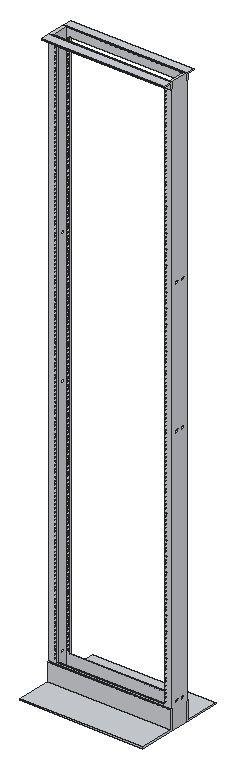
Revit family
Parameters
  Material ID = "760090126"
  Description = "3 IN (76 MM) CHANNEL x 8 FT (2438 MM) H - 19 IN (482.6 MM) STEEL EQUIPMENT RACK (52U) 3/8 SQ PUNCH, BLACK"
Reference planes (in)
  plane 1 "Center (Front/Back)": y = 0
  plane 2: z = 0
  plane 3 "Center (Left/Right)": x = 0
Forms (in)
  Extrusion 1, solid, not visible
    sketch origin (0, -14.305, 0) x (1, 0, 0) y (0, 0, 1)
      loop
        line (-8.5516, 0.86) -> (-8.5516, 0.46) -> (-7.9516, 0.46) -> (-7.9516, 0.86) -> (-8.5516, 0.86)
    from 0 to 0.77696
  Extrusion 2, solid
    sketch origin (0, 0, 0) x (1, 0, 0) y (0, 0, 1)
      loop
        line (-10.155, 42.12) -> (-10.155, -54) -> (10.155, -54) -> (10.155, 42.12) -> (0, 42.12) -> (-10.155, 42.12)
    from 0 to 36
  Extrusion 3, void
    sketch origin (0, 0, 0) x (1, 0, 0) y (0, 0, 1)
      loop
        line (-8.905, 40.855) -> (-8.905, -50.62) -> (8.905, -50.62) -> (8.905, 40.855) -> (-8.905, 40.855)
    from 0 to 36
  Extrusion 4, void
    sketch origin (0, 0, 0) x (0, 1, 0) y (0, 0, 1)
      loop
        line (-3, 44.92) -> (-38, 44.92) -> (-38, -58.24657) -> (-3, -58.24657) -> (-3, 44.92)
    from -31.70377 to 25
  Extrusion 5, void
    sketch origin (0, 0, 0) x (0, 1, 0) y (0, 0, 1)
      loop
        line (-0.2, 59.72052) -> (-2.8, 59.72052) -> (-2.8, -66.46573) -> (-0.2, -66.46573) -> (-0.2, 59.72052)
    from -9.61605 to 9.71756
  Extrusion 6, solid
    sketch origin (0, 0, -24) x (0, 1, 0) y (0, 0, 1)
      loop
        line (-3, -30) -> (-3, -26.8) -> (-3.2, -26.8) -> (-3.2, -29.8) -> (-9, -29.8) -> (-9, -30) -> (-3, -30)
      loop
        line (-3, 66.12) -> (-4.575, 66.12) -> (-4.575, 65.92) -> (-3.2, 65.92) -> (-3.2, 65.06396) -> (-3, 65.06396) -> (-3, 66.12)
      loop
        line (0, 66.12) -> (0, 65.06396) -> (0.2, 65.06396) -> (0.2, 65.92) -> (1.575, 65.92) -> (1.575, 66.12) -> (0, 66.12)
      loop
        line (0, -30) -> (6, -30) -> (6, -29.8) -> (0.2, -29.8) -> (0.2, -26.8) -> (0, -26.8) -> (0, -30)
    from -10.155 to 10.155
  Extrusion 7, void
    sketch origin (0, 0, 0) x (0, 1, 0) y (0, 0, 1)
      loop
        circle (-33.875, -50) r 0.335
      loop
        circle (-35.125, -50) r 0.335
      loop
        circle (-33.875, -10) r 0.335
      loop
        circle (-35.125, -10) r 0.335
      loop
        circle (-33.875, 12) r 0.335
      loop
        circle (-35.125, 12) r 0.335
      loop
        circle (-33.875, 51) r 0.335
      loop
        circle (-35.125, 51) r 0.335
      loop
        circle (-0.875, -50) r 0.335
      loop
        circle (-2.125, -50) r 0.335
      loop
        circle (-0.875, -10) r 0.335
      loop
        circle (-2.125, -10) r 0.335
      loop
        circle (-0.875, 12) r 0.335
      loop
        circle (-2.125, 12) r 0.335
      loop
        circle (-0.875, 51) r 0.335
      loop
        circle (-2.125, 51) r 0.335
    from -24.88707 to 25.18322
  Extrusion 8, void
    sketch origin (0, 0, -24.5) x (1, 0, 0) y (0, 0, 1)
      loop
        line (-9.175, 65.0575) -> (-9.264, 65.0575) -> (-9.264, 64.9685) -> (-9.264, 64.8795) -> (-9.175, 64.8795) -> (-9.086, 64.8795) -> (-9.086, 65.0575) -> (-9.175, 65.0575)
      loop
        line (-9.175, 64.4325) -> (-9.264, 64.4325) -> (-9.264, 64.3435) -> (-9.264, 64.2545) -> (-9.175, 64.2545) -> (-9.086, 64.2545) -> (-9.086, 64.4325) -> (-9.175, 64.4325)
      loop
        line (-9.175, 63.8075) -> (-9.264, 63.8075) -> (-9.264, 63.7185) -> (-9.264, 63.6295) -> (-9.175, 63.6295) -> (-9.086, 63.6295) -> (-9.086, 63.8075) -> (-9.175, 63.8075)
      loop
        line (9.175, 65.0575) -> (9.086, 65.0575) -> (9.086, 64.8795) -> (9.175, 64.8795) -> (9.264, 64.8795) -> (9.264, 64.9685) -> (9.264, 65.0575) -> (9.175, 65.0575)
      loop
        line (9.175, 64.4325) -> (9.086, 64.4325) -> (9.086, 64.2545) -> (9.175, 64.2545) -> (9.264, 64.2545) -> (9.264, 64.3435) -> (9.264, 64.4325) -> (9.175, 64.4325)
      loop
        line (9.175, 63.8075) -> (9.086, 63.8075) -> (9.086, 63.6295) -> (9.175, 63.6295) -> (9.264, 63.6295) -> (9.264, 63.7185) -> (9.264, 63.8075) -> (9.175, 63.8075)
    from 0 to 36
  Extrusion 9, void
    sketch origin (0, 0, -26.25) x (1, 0, 0) y (0, 0, 1)
      loop
        line (-9.175, 65.0575) -> (-9.264, 65.0575) -> (-9.264, 64.9685) -> (-9.264, 64.8795) -> (-9.175, 64.8795) -> (-9.086, 64.8795) -> (-9.086, 65.0575) -> (-9.175, 65.0575)
      loop
        line (-9.175, 64.4325) -> (-9.264, 64.4325) -> (-9.264, 64.3435) -> (-9.264, 64.2545) -> (-9.175, 64.2545) -> (-9.086, 64.2545) -> (-9.086, 64.4325) -> (-9.175, 64.4325)
      loop
        line (-9.175, 63.8075) -> (-9.264, 63.8075) -> (-9.264, 63.7185) -> (-9.264, 63.6295) -> (-9.175, 63.6295) -> (-9.086, 63.6295) -> (-9.086, 63.8075) -> (-9.175, 63.8075)
      loop
        line (9.175, 65.0575) -> (9.086, 65.0575) -> (9.086, 64.8795) -> (9.175, 64.8795) -> (9.264, 64.8795) -> (9.264, 64.9685) -> (9.264, 65.0575) -> (9.175, 65.0575)
      loop
        line (9.175, 64.4325) -> (9.086, 64.4325) -> (9.086, 64.2545) -> (9.175, 64.2545) -> (9.264, 64.2545) -> (9.264, 64.3435) -> (9.264, 64.4325) -> (9.175, 64.4325)
      loop
        line (9.175, 63.8075) -> (9.086, 63.8075) -> (9.086, 63.6295) -> (9.175, 63.6295) -> (9.264, 63.6295) -> (9.264, 63.7185) -> (9.264, 63.8075) -> (9.175, 63.8075)
    from 0 to 36
  Extrusion 10, void
    sketch origin (0, 0, -28) x (1, 0, 0) y (0, 0, 1)
      loop
        line (-9.175, 65.0575) -> (-9.264, 65.0575) -> (-9.264, 64.9685) -> (-9.264, 64.8795) -> (-9.175, 64.8795) -> (-9.086, 64.8795) -> (-9.086, 65.0575) -> (-9.175, 65.0575)
      loop
        line (-9.175, 64.4325) -> (-9.264, 64.4325) -> (-9.264, 64.3435) -> (-9.264, 64.2545) -> (-9.175, 64.2545) -> (-9.086, 64.2545) -> (-9.086, 64.4325) -> (-9.175, 64.4325)
      loop
        line (-9.175, 63.8075) -> (-9.264, 63.8075) -> (-9.264, 63.7185) -> (-9.264, 63.6295) -> (-9.175, 63.6295) -> (-9.086, 63.6295) -> (-9.086, 63.8075) -> (-9.175, 63.8075)
      loop
        line (9.175, 65.0575) -> (9.086, 65.0575) -> (9.086, 64.8795) -> (9.175, 64.8795) -> (9.264, 64.8795) -> (9.264, 64.9685) -> (9.264, 65.0575) -> (9.175, 65.0575)
      loop
        line (9.175, 64.4325) -> (9.086, 64.4325) -> (9.086, 64.2545) -> (9.175, 64.2545) -> (9.264, 64.2545) -> (9.264, 64.3435) -> (9.264, 64.4325) -> (9.175, 64.4325)
      loop
        line (9.175, 63.8075) -> (9.086, 63.8075) -> (9.086, 63.6295) -> (9.175, 63.6295) -> (9.264, 63.6295) -> (9.264, 63.7185) -> (9.264, 63.8075) -> (9.175, 63.8075)
    from 0 to 36
  Extrusion 11, void
    sketch origin (0, 0, -29.75) x (1, 0, 0) y (0, 0, 1)
      loop
        line (-9.175, 65.0575) -> (-9.264, 65.0575) -> (-9.264, 64.9685) -> (-9.264, 64.8795) -> (-9.175, 64.8795) -> (-9.086, 64.8795) -> (-9.086, 65.0575) -> (-9.175, 65.0575)
      loop
        line (-9.175, 64.4325) -> (-9.264, 64.4325) -> (-9.264, 64.3435) -> (-9.264, 64.2545) -> (-9.175, 64.2545) -> (-9.086, 64.2545) -> (-9.086, 64.4325) -> (-9.175, 64.4325)
      loop
        line (-9.175, 63.8075) -> (-9.264, 63.8075) -> (-9.264, 63.7185) -> (-9.264, 63.6295) -> (-9.175, 63.6295) -> (-9.086, 63.6295) -> (-9.086, 63.8075) -> (-9.175, 63.8075)
      loop
        line (9.175, 65.0575) -> (9.086, 65.0575) -> (9.086, 64.8795) -> (9.175, 64.8795) -> (9.264, 64.8795) -> (9.264, 64.9685) -> (9.264, 65.0575) -> (9.175, 65.0575)
      loop
        line (9.175, 64.4325) -> (9.086, 64.4325) -> (9.086, 64.2545) -> (9.175, 64.2545) -> (9.264, 64.2545) -> (9.264, 64.3435) -> (9.264, 64.4325) -> (9.175, 64.4325)
      loop
        line (9.175, 63.8075) -> (9.086, 63.8075) -> (9.086, 63.6295) -> (9.175, 63.6295) -> (9.264, 63.6295) -> (9.264, 63.7185) -> (9.264, 63.8075) -> (9.175, 63.8075)
    from 0 to 36
  Extrusion 12, void
    sketch origin (0, 0, -31.5) x (1, 0, 0) y (0, 0, 1)
      loop
        line (-9.175, 65.0575) -> (-9.264, 65.0575) -> (-9.264, 64.9685) -> (-9.264, 64.8795) -> (-9.175, 64.8795) -> (-9.086, 64.8795) -> (-9.086, 65.0575) -> (-9.175, 65.0575)
      loop
        line (-9.175, 64.4325) -> (-9.264, 64.4325) -> (-9.264, 64.3435) -> (-9.264, 64.2545) -> (-9.175, 64.2545) -> (-9.086, 64.2545) -> (-9.086, 64.4325) -> (-9.175, 64.4325)
      loop
        line (-9.175, 63.8075) -> (-9.264, 63.8075) -> (-9.264, 63.7185) -> (-9.264, 63.6295) -> (-9.175, 63.6295) -> (-9.086, 63.6295) -> (-9.086, 63.8075) -> (-9.175, 63.8075)
      loop
        line (9.175, 65.0575) -> (9.086, 65.0575) -> (9.086, 64.8795) -> (9.175, 64.8795) -> (9.264, 64.8795) -> (9.264, 64.9685) -> (9.264, 65.0575) -> (9.175, 65.0575)
      loop
        line (9.175, 64.4325) -> (9.086, 64.4325) -> (9.086, 64.2545) -> (9.175, 64.2545) -> (9.264, 64.2545) -> (9.264, 64.3435) -> (9.264, 64.4325) -> (9.175, 64.4325)
      loop
        line (9.175, 63.8075) -> (9.086, 63.8075) -> (9.086, 63.6295) -> (9.175, 63.6295) -> (9.264, 63.6295) -> (9.264, 63.7185) -> (9.264, 63.8075) -> (9.175, 63.8075)
    from 0 to 36
  Extrusion 13, void
    sketch origin (0, 0, -33.25) x (1, 0, 0) y (0, 0, 1)
      loop
        line (-9.175, 65.0575) -> (-9.264, 65.0575) -> (-9.264, 64.9685) -> (-9.264, 64.8795) -> (-9.175, 64.8795) -> (-9.086, 64.8795) -> (-9.086, 65.0575) -> (-9.175, 65.0575)
      loop
        line (-9.175, 64.4325) -> (-9.264, 64.4325) -> (-9.264, 64.3435) -> (-9.264, 64.2545) -> (-9.175, 64.2545) -> (-9.086, 64.2545) -> (-9.086, 64.4325) -> (-9.175, 64.4325)
      loop
        line (-9.175, 63.8075) -> (-9.264, 63.8075) -> (-9.264, 63.7185) -> (-9.264, 63.6295) -> (-9.175, 63.6295) -> (-9.086, 63.6295) -> (-9.086, 63.8075) -> (-9.175, 63.8075)
      loop
        line (9.175, 65.0575) -> (9.086, 65.0575) -> (9.086, 64.8795) -> (9.175, 64.8795) -> (9.264, 64.8795) -> (9.264, 64.9685) -> (9.264, 65.0575) -> (9.175, 65.0575)
      loop
        line (9.175, 64.4325) -> (9.086, 64.4325) -> (9.086, 64.2545) -> (9.175, 64.2545) -> (9.264, 64.2545) -> (9.264, 64.3435) -> (9.264, 64.4325) -> (9.175, 64.4325)
      loop
        line (9.175, 63.8075) -> (9.086, 63.8075) -> (9.086, 63.6295) -> (9.175, 63.6295) -> (9.264, 63.6295) -> (9.264, 63.7185) -> (9.264, 63.8075) -> (9.175, 63.8075)
    from 0 to 36
  Extrusion 14, void
    sketch origin (0, 0, -35) x (1, 0, 0) y (0, 0, 1)
      loop
        line (-9.175, 65.0575) -> (-9.264, 65.0575) -> (-9.264, 64.9685) -> (-9.264, 64.8795) -> (-9.175, 64.8795) -> (-9.086, 64.8795) -> (-9.086, 65.0575) -> (-9.175, 65.0575)
      loop
        line (-9.175, 64.4325) -> (-9.264, 64.4325) -> (-9.264, 64.3435) -> (-9.264, 64.2545) -> (-9.175, 64.2545) -> (-9.086, 64.2545) -> (-9.086, 64.4325) -> (-9.175, 64.4325)
      loop
        line (-9.175, 63.8075) -> (-9.264, 63.8075) -> (-9.264, 63.7185) -> (-9.264, 63.6295) -> (-9.175, 63.6295) -> (-9.086, 63.6295) -> (-9.086, 63.8075) -> (-9.175, 63.8075)
      loop
        line (9.175, 65.0575) -> (9.086, 65.0575) -> (9.086, 64.8795) -> (9.175, 64.8795) -> (9.264, 64.8795) -> (9.264, 64.9685) -> (9.264, 65.0575) -> (9.175, 65.0575)
      loop
        line (9.175, 64.4325) -> (9.086, 64.4325) -> (9.086, 64.2545) -> (9.175, 64.2545) -> (9.264, 64.2545) -> (9.264, 64.3435) -> (9.264, 64.4325) -> (9.175, 64.4325)
      loop
        line (9.175, 63.8075) -> (9.086, 63.8075) -> (9.086, 63.6295) -> (9.175, 63.6295) -> (9.264, 63.6295) -> (9.264, 63.7185) -> (9.264, 63.8075) -> (9.175, 63.8075)
    from 0 to 36
  Extrusion 15, void
    sketch origin (0, 0, -36.75) x (1, 0, 0) y (0, 0, 1)
      loop
        line (-9.175, 65.0575) -> (-9.264, 65.0575) -> (-9.264, 64.9685) -> (-9.264, 64.8795) -> (-9.175, 64.8795) -> (-9.086, 64.8795) -> (-9.086, 65.0575) -> (-9.175, 65.0575)
      loop
        line (-9.175, 64.4325) -> (-9.264, 64.4325) -> (-9.264, 64.3435) -> (-9.264, 64.2545) -> (-9.175, 64.2545) -> (-9.086, 64.2545) -> (-9.086, 64.4325) -> (-9.175, 64.4325)
      loop
        line (-9.175, 63.8075) -> (-9.264, 63.8075) -> (-9.264, 63.7185) -> (-9.264, 63.6295) -> (-9.175, 63.6295) -> (-9.086, 63.6295) -> (-9.086, 63.8075) -> (-9.175, 63.8075)
      loop
        line (9.175, 65.0575) -> (9.086, 65.0575) -> (9.086, 64.8795) -> (9.175, 64.8795) -> (9.264, 64.8795) -> (9.264, 64.9685) -> (9.264, 65.0575) -> (9.175, 65.0575)
      loop
        line (9.175, 64.4325) -> (9.086, 64.4325) -> (9.086, 64.2545) -> (9.175, 64.2545) -> (9.264, 64.2545) -> (9.264, 64.3435) -> (9.264, 64.4325) -> (9.175, 64.4325)
      loop
        line (9.175, 63.8075) -> (9.086, 63.8075) -> (9.086, 63.6295) -> (9.175, 63.6295) -> (9.264, 63.6295) -> (9.264, 63.7185) -> (9.264, 63.8075) -> (9.175, 63.8075)
    from 0 to 36
  Extrusion 16, void
    sketch origin (0, 0, -38.5) x (1, 0, 0) y (0, 0, 1)
      loop
        line (-9.175, 65.0575) -> (-9.264, 65.0575) -> (-9.264, 64.9685) -> (-9.264, 64.8795) -> (-9.175, 64.8795) -> (-9.086, 64.8795) -> (-9.086, 65.0575) -> (-9.175, 65.0575)
      loop
        line (-9.175, 64.4325) -> (-9.264, 64.4325) -> (-9.264, 64.3435) -> (-9.264, 64.2545) -> (-9.175, 64.2545) -> (-9.086, 64.2545) -> (-9.086, 64.4325) -> (-9.175, 64.4325)
      loop
        line (-9.175, 63.8075) -> (-9.264, 63.8075) -> (-9.264, 63.7185) -> (-9.264, 63.6295) -> (-9.175, 63.6295) -> (-9.086, 63.6295) -> (-9.086, 63.8075) -> (-9.175, 63.8075)
      loop
        line (9.175, 65.0575) -> (9.086, 65.0575) -> (9.086, 64.8795) -> (9.175, 64.8795) -> (9.264, 64.8795) -> (9.264, 64.9685) -> (9.264, 65.0575) -> (9.175, 65.0575)
      loop
        line (9.175, 64.4325) -> (9.086, 64.4325) -> (9.086, 64.2545) -> (9.175, 64.2545) -> (9.264, 64.2545) -> (9.264, 64.3435) -> (9.264, 64.4325) -> (9.175, 64.4325)
      loop
        line (9.175, 63.8075) -> (9.086, 63.8075) -> (9.086, 63.6295) -> (9.175, 63.6295) -> (9.264, 63.6295) -> (9.264, 63.7185) -> (9.264, 63.8075) -> (9.175, 63.8075)
    from 0 to 36
  Extrusion 17, void
    sketch origin (0, 0, -40.25) x (1, 0, 0) y (0, 0, 1)
      loop
        line (-9.175, 65.0575) -> (-9.264, 65.0575) -> (-9.264, 64.9685) -> (-9.264, 64.8795) -> (-9.175, 64.8795) -> (-9.086, 64.8795) -> (-9.086, 65.0575) -> (-9.175, 65.0575)
      loop
        line (-9.175, 64.4325) -> (-9.264, 64.4325) -> (-9.264, 64.3435) -> (-9.264, 64.2545) -> (-9.175, 64.2545) -> (-9.086, 64.2545) -> (-9.086, 64.4325) -> (-9.175, 64.4325)
      loop
        line (-9.175, 63.8075) -> (-9.264, 63.8075) -> (-9.264, 63.7185) -> (-9.264, 63.6295) -> (-9.175, 63.6295) -> (-9.086, 63.6295) -> (-9.086, 63.8075) -> (-9.175, 63.8075)
      loop
        line (9.175, 65.0575) -> (9.086, 65.0575) -> (9.086, 64.8795) -> (9.175, 64.8795) -> (9.264, 64.8795) -> (9.264, 64.9685) -> (9.264, 65.0575) -> (9.175, 65.0575)
      loop
        line (9.175, 64.4325) -> (9.086, 64.4325) -> (9.086, 64.2545) -> (9.175, 64.2545) -> (9.264, 64.2545) -> (9.264, 64.3435) -> (9.264, 64.4325) -> (9.175, 64.4325)
      loop
        line (9.175, 63.8075) -> (9.086, 63.8075) -> (9.086, 63.6295) -> (9.175, 63.6295) -> (9.264, 63.6295) -> (9.264, 63.7185) -> (9.264, 63.8075) -> (9.175, 63.8075)
    from 0 to 36
  Extrusion 18, void
    sketch origin (0, 0, -42) x (1, 0, 0) y (0, 0, 1)
      loop
        line (-9.175, 65.0575) -> (-9.264, 65.0575) -> (-9.264, 64.9685) -> (-9.264, 64.8795) -> (-9.175, 64.8795) -> (-9.086, 64.8795) -> (-9.086, 65.0575) -> (-9.175, 65.0575)
      loop
        line (-9.175, 64.4325) -> (-9.264, 64.4325) -> (-9.264, 64.3435) -> (-9.264, 64.2545) -> (-9.175, 64.2545) -> (-9.086, 64.2545) -> (-9.086, 64.4325) -> (-9.175, 64.4325)
      loop
        line (-9.175, 63.8075) -> (-9.264, 63.8075) -> (-9.264, 63.7185) -> (-9.264, 63.6295) -> (-9.175, 63.6295) -> (-9.086, 63.6295) -> (-9.086, 63.8075) -> (-9.175, 63.8075)
      loop
        line (9.175, 65.0575) -> (9.086, 65.0575) -> (9.086, 64.8795) -> (9.175, 64.8795) -> (9.264, 64.8795) -> (9.264, 64.9685) -> (9.264, 65.0575) -> (9.175, 65.0575)
      loop
        line (9.175, 64.4325) -> (9.086, 64.4325) -> (9.086, 64.2545) -> (9.175, 64.2545) -> (9.264, 64.2545) -> (9.264, 64.3435) -> (9.264, 64.4325) -> (9.175, 64.4325)
      loop
        line (9.175, 63.8075) -> (9.086, 63.8075) -> (9.086, 63.6295) -> (9.175, 63.6295) -> (9.264, 63.6295) -> (9.264, 63.7185) -> (9.264, 63.8075) -> (9.175, 63.8075)
    from 0 to 36
  Extrusion 19, void
    sketch origin (0, 0, -43.75) x (1, 0, 0) y (0, 0, 1)
      loop
        line (-9.175, 65.0575) -> (-9.264, 65.0575) -> (-9.264, 64.9685) -> (-9.264, 64.8795) -> (-9.175, 64.8795) -> (-9.086, 64.8795) -> (-9.086, 65.0575) -> (-9.175, 65.0575)
      loop
        line (-9.175, 64.4325) -> (-9.264, 64.4325) -> (-9.264, 64.3435) -> (-9.264, 64.2545) -> (-9.175, 64.2545) -> (-9.086, 64.2545) -> (-9.086, 64.4325) -> (-9.175, 64.4325)
      loop
        line (-9.175, 63.8075) -> (-9.264, 63.8075) -> (-9.264, 63.7185) -> (-9.264, 63.6295) -> (-9.175, 63.6295) -> (-9.086, 63.6295) -> (-9.086, 63.8075) -> (-9.175, 63.8075)
      loop
        line (9.175, 65.0575) -> (9.086, 65.0575) -> (9.086, 64.8795) -> (9.175, 64.8795) -> (9.264, 64.8795) -> (9.264, 64.9685) -> (9.264, 65.0575) -> (9.175, 65.0575)
      loop
        line (9.175, 64.4325) -> (9.086, 64.4325) -> (9.086, 64.2545) -> (9.175, 64.2545) -> (9.264, 64.2545) -> (9.264, 64.3435) -> (9.264, 64.4325) -> (9.175, 64.4325)
      loop
        line (9.175, 63.8075) -> (9.086, 63.8075) -> (9.086, 63.6295) -> (9.175, 63.6295) -> (9.264, 63.6295) -> (9.264, 63.7185) -> (9.264, 63.8075) -> (9.175, 63.8075)
    from 0 to 36
  Extrusion 20, void
    sketch origin (0, 0, -45.5) x (1, 0, 0) y (0, 0, 1)
      loop
        line (-9.175, 65.0575) -> (-9.264, 65.0575) -> (-9.264, 64.9685) -> (-9.264, 64.8795) -> (-9.175, 64.8795) -> (-9.086, 64.8795) -> (-9.086, 65.0575) -> (-9.175, 65.0575)
      loop
        line (-9.175, 64.4325) -> (-9.264, 64.4325) -> (-9.264, 64.3435) -> (-9.264, 64.2545) -> (-9.175, 64.2545) -> (-9.086, 64.2545) -> (-9.086, 64.4325) -> (-9.175, 64.4325)
      loop
        line (-9.175, 63.8075) -> (-9.264, 63.8075) -> (-9.264, 63.7185) -> (-9.264, 63.6295) -> (-9.175, 63.6295) -> (-9.086, 63.6295) -> (-9.086, 63.8075) -> (-9.175, 63.8075)
      loop
        line (9.175, 65.0575) -> (9.086, 65.0575) -> (9.086, 64.8795) -> (9.175, 64.8795) -> (9.264, 64.8795) -> (9.264, 64.9685) -> (9.264, 65.0575) -> (9.175, 65.0575)
      loop
        line (9.175, 64.4325) -> (9.086, 64.4325) -> (9.086, 64.2545) -> (9.175, 64.2545) -> (9.264, 64.2545) -> (9.264, 64.3435) -> (9.264, 64.4325) -> (9.175, 64.4325)
      loop
        line (9.175, 63.8075) -> (9.086, 63.8075) -> (9.086, 63.6295) -> (9.175, 63.6295) -> (9.264, 63.6295) -> (9.264, 63.7185) -> (9.264, 63.8075) -> (9.175, 63.8075)
    from 0 to 36
  Extrusion 21, void
    sketch origin (0, 0, -47.25) x (1, 0, 0) y (0, 0, 1)
      loop
        line (-9.175, 65.0575) -> (-9.264, 65.0575) -> (-9.264, 64.9685) -> (-9.264, 64.8795) -> (-9.175, 64.8795) -> (-9.086, 64.8795) -> (-9.086, 65.0575) -> (-9.175, 65.0575)
      loop
        line (-9.175, 64.4325) -> (-9.264, 64.4325) -> (-9.264, 64.3435) -> (-9.264, 64.2545) -> (-9.175, 64.2545) -> (-9.086, 64.2545) -> (-9.086, 64.4325) -> (-9.175, 64.4325)
      loop
        line (-9.175, 63.8075) -> (-9.264, 63.8075) -> (-9.264, 63.7185) -> (-9.264, 63.6295) -> (-9.175, 63.6295) -> (-9.086, 63.6295) -> (-9.086, 63.8075) -> (-9.175, 63.8075)
      loop
        line (9.175, 65.0575) -> (9.086, 65.0575) -> (9.086, 64.8795) -> (9.175, 64.8795) -> (9.264, 64.8795) -> (9.264, 64.9685) -> (9.264, 65.0575) -> (9.175, 65.0575)
      loop
        line (9.175, 64.4325) -> (9.086, 64.4325) -> (9.086, 64.2545) -> (9.175, 64.2545) -> (9.264, 64.2545) -> (9.264, 64.3435) -> (9.264, 64.4325) -> (9.175, 64.4325)
      loop
        line (9.175, 63.8075) -> (9.086, 63.8075) -> (9.086, 63.6295) -> (9.175, 63.6295) -> (9.264, 63.6295) -> (9.264, 63.7185) -> (9.264, 63.8075) -> (9.175, 63.8075)
    from 0 to 36
  Extrusion 22, void
    sketch origin (0, 0, -49) x (1, 0, 0) y (0, 0, 1)
      loop
        line (-9.175, 65.0575) -> (-9.264, 65.0575) -> (-9.264, 64.9685) -> (-9.264, 64.8795) -> (-9.175, 64.8795) -> (-9.086, 64.8795) -> (-9.086, 65.0575) -> (-9.175, 65.0575)
      loop
        line (-9.175, 64.4325) -> (-9.264, 64.4325) -> (-9.264, 64.3435) -> (-9.264, 64.2545) -> (-9.175, 64.2545) -> (-9.086, 64.2545) -> (-9.086, 64.4325) -> (-9.175, 64.4325)
      loop
        line (-9.175, 63.8075) -> (-9.264, 63.8075) -> (-9.264, 63.7185) -> (-9.264, 63.6295) -> (-9.175, 63.6295) -> (-9.086, 63.6295) -> (-9.086, 63.8075) -> (-9.175, 63.8075)
      loop
        line (9.175, 65.0575) -> (9.086, 65.0575) -> (9.086, 64.8795) -> (9.175, 64.8795) -> (9.264, 64.8795) -> (9.264, 64.9685) -> (9.264, 65.0575) -> (9.175, 65.0575)
      loop
        line (9.175, 64.4325) -> (9.086, 64.4325) -> (9.086, 64.2545) -> (9.175, 64.2545) -> (9.264, 64.2545) -> (9.264, 64.3435) -> (9.264, 64.4325) -> (9.175, 64.4325)
      loop
        line (9.175, 63.8075) -> (9.086, 63.8075) -> (9.086, 63.6295) -> (9.175, 63.6295) -> (9.264, 63.6295) -> (9.264, 63.7185) -> (9.264, 63.8075) -> (9.175, 63.8075)
    from 0 to 36
  Extrusion 23, void
    sketch origin (0, 0, -50.75) x (1, 0, 0) y (0, 0, 1)
      loop
        line (-9.175, 65.0575) -> (-9.264, 65.0575) -> (-9.264, 64.9685) -> (-9.264, 64.8795) -> (-9.175, 64.8795) -> (-9.086, 64.8795) -> (-9.086, 65.0575) -> (-9.175, 65.0575)
      loop
        line (-9.175, 64.4325) -> (-9.264, 64.4325) -> (-9.264, 64.3435) -> (-9.264, 64.2545) -> (-9.175, 64.2545) -> (-9.086, 64.2545) -> (-9.086, 64.4325) -> (-9.175, 64.4325)
      loop
        line (-9.175, 63.8075) -> (-9.264, 63.8075) -> (-9.264, 63.7185) -> (-9.264, 63.6295) -> (-9.175, 63.6295) -> (-9.086, 63.6295) -> (-9.086, 63.8075) -> (-9.175, 63.8075)
      loop
        line (9.175, 65.0575) -> (9.086, 65.0575) -> (9.086, 64.8795) -> (9.175, 64.8795) -> (9.264, 64.8795) -> (9.264, 64.9685) -> (9.264, 65.0575) -> (9.175, 65.0575)
      loop
        line (9.175, 64.4325) -> (9.086, 64.4325) -> (9.086, 64.2545) -> (9.175, 64.2545) -> (9.264, 64.2545) -> (9.264, 64.3435) -> (9.264, 64.4325) -> (9.175, 64.4325)
      loop
        line (9.175, 63.8075) -> (9.086, 63.8075) -> (9.086, 63.6295) -> (9.175, 63.6295) -> (9.264, 63.6295) -> (9.264, 63.7185) -> (9.264, 63.8075) -> (9.175, 63.8075)
    from 0 to 36
  Extrusion 24, void
    sketch origin (0, 0, -52.5) x (1, 0, 0) y (0, 0, 1)
      loop
        line (-9.175, 65.0575) -> (-9.264, 65.0575) -> (-9.264, 64.9685) -> (-9.264, 64.8795) -> (-9.175, 64.8795) -> (-9.086, 64.8795) -> (-9.086, 65.0575) -> (-9.175, 65.0575)
      loop
        line (-9.175, 64.4325) -> (-9.264, 64.4325) -> (-9.264, 64.3435) -> (-9.264, 64.2545) -> (-9.175, 64.2545) -> (-9.086, 64.2545) -> (-9.086, 64.4325) -> (-9.175, 64.4325)
      loop
        line (-9.175, 63.8075) -> (-9.264, 63.8075) -> (-9.264, 63.7185) -> (-9.264, 63.6295) -> (-9.175, 63.6295) -> (-9.086, 63.6295) -> (-9.086, 63.8075) -> (-9.175, 63.8075)
      loop
        line (9.175, 65.0575) -> (9.086, 65.0575) -> (9.086, 64.8795) -> (9.175, 64.8795) -> (9.264, 64.8795) -> (9.264, 64.9685) -> (9.264, 65.0575) -> (9.175, 65.0575)
      loop
        line (9.175, 64.4325) -> (9.086, 64.4325) -> (9.086, 64.2545) -> (9.175, 64.2545) -> (9.264, 64.2545) -> (9.264, 64.3435) -> (9.264, 64.4325) -> (9.175, 64.4325)
      loop
        line (9.175, 63.8075) -> (9.086, 63.8075) -> (9.086, 63.6295) -> (9.175, 63.6295) -> (9.264, 63.6295) -> (9.264, 63.7185) -> (9.264, 63.8075) -> (9.175, 63.8075)
    from 0 to 36
  Extrusion 25, void
    sketch origin (0, 0, -54.25) x (1, 0, 0) y (0, 0, 1)
      loop
        line (-9.175, 65.0575) -> (-9.264, 65.0575) -> (-9.264, 64.9685) -> (-9.264, 64.8795) -> (-9.175, 64.8795) -> (-9.086, 64.8795) -> (-9.086, 65.0575) -> (-9.175, 65.0575)
      loop
        line (-9.175, 64.4325) -> (-9.264, 64.4325) -> (-9.264, 64.3435) -> (-9.264, 64.2545) -> (-9.175, 64.2545) -> (-9.086, 64.2545) -> (-9.086, 64.4325) -> (-9.175, 64.4325)
      loop
        line (-9.175, 63.8075) -> (-9.264, 63.8075) -> (-9.264, 63.7185) -> (-9.264, 63.6295) -> (-9.175, 63.6295) -> (-9.086, 63.6295) -> (-9.086, 63.8075) -> (-9.175, 63.8075)
      loop
        line (9.175, 65.0575) -> (9.086, 65.0575) -> (9.086, 64.8795) -> (9.175, 64.8795) -> (9.264, 64.8795) -> (9.264, 64.9685) -> (9.264, 65.0575) -> (9.175, 65.0575)
      loop
        line (9.175, 64.4325) -> (9.086, 64.4325) -> (9.086, 64.2545) -> (9.175, 64.2545) -> (9.264, 64.2545) -> (9.264, 64.3435) -> (9.264, 64.4325) -> (9.175, 64.4325)
      loop
        line (9.175, 63.8075) -> (9.086, 63.8075) -> (9.086, 63.6295) -> (9.175, 63.6295) -> (9.264, 63.6295) -> (9.264, 63.7185) -> (9.264, 63.8075) -> (9.175, 63.8075)
    from 0 to 36
  Extrusion 26, void
    sketch origin (0, 0, -56) x (1, 0, 0) y (0, 0, 1)
      loop
        line (-9.175, 65.0575) -> (-9.264, 65.0575) -> (-9.264, 64.9685) -> (-9.264, 64.8795) -> (-9.175, 64.8795) -> (-9.086, 64.8795) -> (-9.086, 65.0575) -> (-9.175, 65.0575)
      loop
        line (-9.175, 64.4325) -> (-9.264, 64.4325) -> (-9.264, 64.3435) -> (-9.264, 64.2545) -> (-9.175, 64.2545) -> (-9.086, 64.2545) -> (-9.086, 64.4325) -> (-9.175, 64.4325)
      loop
        line (-9.175, 63.8075) -> (-9.264, 63.8075) -> (-9.264, 63.7185) -> (-9.264, 63.6295) -> (-9.175, 63.6295) -> (-9.086, 63.6295) -> (-9.086, 63.8075) -> (-9.175, 63.8075)
      loop
        line (9.175, 65.0575) -> (9.086, 65.0575) -> (9.086, 64.8795) -> (9.175, 64.8795) -> (9.264, 64.8795) -> (9.264, 64.9685) -> (9.264, 65.0575) -> (9.175, 65.0575)
      loop
        line (9.175, 64.4325) -> (9.086, 64.4325) -> (9.086, 64.2545) -> (9.175, 64.2545) -> (9.264, 64.2545) -> (9.264, 64.3435) -> (9.264, 64.4325) -> (9.175, 64.4325)
      loop
        line (9.175, 63.8075) -> (9.086, 63.8075) -> (9.086, 63.6295) -> (9.175, 63.6295) -> (9.264, 63.6295) -> (9.264, 63.7185) -> (9.264, 63.8075) -> (9.175, 63.8075)
    from 0 to 36
  Extrusion 27, void
    sketch origin (0, 0, -57.75) x (1, 0, 0) y (0, 0, 1)
      loop
        line (-9.175, 65.0575) -> (-9.264, 65.0575) -> (-9.264, 64.9685) -> (-9.264, 64.8795) -> (-9.175, 64.8795) -> (-9.086, 64.8795) -> (-9.086, 65.0575) -> (-9.175, 65.0575)
      loop
        line (-9.175, 64.4325) -> (-9.264, 64.4325) -> (-9.264, 64.3435) -> (-9.264, 64.2545) -> (-9.175, 64.2545) -> (-9.086, 64.2545) -> (-9.086, 64.4325) -> (-9.175, 64.4325)
      loop
        line (-9.175, 63.8075) -> (-9.264, 63.8075) -> (-9.264, 63.7185) -> (-9.264, 63.6295) -> (-9.175, 63.6295) -> (-9.086, 63.6295) -> (-9.086, 63.8075) -> (-9.175, 63.8075)
      loop
        line (9.175, 65.0575) -> (9.086, 65.0575) -> (9.086, 64.8795) -> (9.175, 64.8795) -> (9.264, 64.8795) -> (9.264, 64.9685) -> (9.264, 65.0575) -> (9.175, 65.0575)
      loop
        line (9.175, 64.4325) -> (9.086, 64.4325) -> (9.086, 64.2545) -> (9.175, 64.2545) -> (9.264, 64.2545) -> (9.264, 64.3435) -> (9.264, 64.4325) -> (9.175, 64.4325)
      loop
        line (9.175, 63.8075) -> (9.086, 63.8075) -> (9.086, 63.6295) -> (9.175, 63.6295) -> (9.264, 63.6295) -> (9.264, 63.7185) -> (9.264, 63.8075) -> (9.175, 63.8075)
    from 0 to 36
  Extrusion 28, void
    sketch origin (0, 0, -59.5) x (1, 0, 0) y (0, 0, 1)
      loop
        line (-9.175, 65.0575) -> (-9.264, 65.0575) -> (-9.264, 64.9685) -> (-9.264, 64.8795) -> (-9.175, 64.8795) -> (-9.086, 64.8795) -> (-9.086, 65.0575) -> (-9.175, 65.0575)
      loop
        line (-9.175, 64.4325) -> (-9.264, 64.4325) -> (-9.264, 64.3435) -> (-9.264, 64.2545) -> (-9.175, 64.2545) -> (-9.086, 64.2545) -> (-9.086, 64.4325) -> (-9.175, 64.4325)
      loop
        line (-9.175, 63.8075) -> (-9.264, 63.8075) -> (-9.264, 63.7185) -> (-9.264, 63.6295) -> (-9.175, 63.6295) -> (-9.086, 63.6295) -> (-9.086, 63.8075) -> (-9.175, 63.8075)
      loop
        line (9.175, 65.0575) -> (9.086, 65.0575) -> (9.086, 64.8795) -> (9.175, 64.8795) -> (9.264, 64.8795) -> (9.264, 64.9685) -> (9.264, 65.0575) -> (9.175, 65.0575)
      loop
        line (9.175, 64.4325) -> (9.086, 64.4325) -> (9.086, 64.2545) -> (9.175, 64.2545) -> (9.264, 64.2545) -> (9.264, 64.3435) -> (9.264, 64.4325) -> (9.175, 64.4325)
      loop
        line (9.175, 63.8075) -> (9.086, 63.8075) -> (9.086, 63.6295) -> (9.175, 63.6295) -> (9.264, 63.6295) -> (9.264, 63.7185) -> (9.264, 63.8075) -> (9.175, 63.8075)
    from 0 to 36
  Extrusion 29, void
    sketch origin (0, 0, -61.25) x (1, 0, 0) y (0, 0, 1)
      loop
        line (-9.175, 65.0575) -> (-9.264, 65.0575) -> (-9.264, 64.9685) -> (-9.264, 64.8795) -> (-9.175, 64.8795) -> (-9.086, 64.8795) -> (-9.086, 65.0575) -> (-9.175, 65.0575)
      loop
        line (-9.175, 64.4325) -> (-9.264, 64.4325) -> (-9.264, 64.3435) -> (-9.264, 64.2545) -> (-9.175, 64.2545) -> (-9.086, 64.2545) -> (-9.086, 64.4325) -> (-9.175, 64.4325)
      loop
        line (-9.175, 63.8075) -> (-9.264, 63.8075) -> (-9.264, 63.7185) -> (-9.264, 63.6295) -> (-9.175, 63.6295) -> (-9.086, 63.6295) -> (-9.086, 63.8075) -> (-9.175, 63.8075)
      loop
        line (9.175, 65.0575) -> (9.086, 65.0575) -> (9.086, 64.8795) -> (9.175, 64.8795) -> (9.264, 64.8795) -> (9.264, 64.9685) -> (9.264, 65.0575) -> (9.175, 65.0575)
      loop
        line (9.175, 64.4325) -> (9.086, 64.4325) -> (9.086, 64.2545) -> (9.175, 64.2545) -> (9.264, 64.2545) -> (9.264, 64.3435) -> (9.264, 64.4325) -> (9.175, 64.4325)
      loop
        line (9.175, 63.8075) -> (9.086, 63.8075) -> (9.086, 63.6295) -> (9.175, 63.6295) -> (9.264, 63.6295) -> (9.264, 63.7185) -> (9.264, 63.8075) -> (9.175, 63.8075)
    from 0 to 36
  Extrusion 30, void
    sketch origin (0, 0, -63) x (1, 0, 0) y (0, 0, 1)
      loop
        line (-9.175, 65.0575) -> (-9.264, 65.0575) -> (-9.264, 64.9685) -> (-9.264, 64.8795) -> (-9.175, 64.8795) -> (-9.086, 64.8795) -> (-9.086, 65.0575) -> (-9.175, 65.0575)
      loop
        line (-9.175, 64.4325) -> (-9.264, 64.4325) -> (-9.264, 64.3435) -> (-9.264, 64.2545) -> (-9.175, 64.2545) -> (-9.086, 64.2545) -> (-9.086, 64.4325) -> (-9.175, 64.4325)
      loop
        line (-9.175, 63.8075) -> (-9.264, 63.8075) -> (-9.264, 63.7185) -> (-9.264, 63.6295) -> (-9.175, 63.6295) -> (-9.086, 63.6295) -> (-9.086, 63.8075) -> (-9.175, 63.8075)
      loop
        line (9.175, 65.0575) -> (9.086, 65.0575) -> (9.086, 64.8795) -> (9.175, 64.8795) -> (9.264, 64.8795) -> (9.264, 64.9685) -> (9.264, 65.0575) -> (9.175, 65.0575)
      loop
        line (9.175, 64.4325) -> (9.086, 64.4325) -> (9.086, 64.2545) -> (9.175, 64.2545) -> (9.264, 64.2545) -> (9.264, 64.3435) -> (9.264, 64.4325) -> (9.175, 64.4325)
      loop
        line (9.175, 63.8075) -> (9.086, 63.8075) -> (9.086, 63.6295) -> (9.175, 63.6295) -> (9.264, 63.6295) -> (9.264, 63.7185) -> (9.264, 63.8075) -> (9.175, 63.8075)
    from 0 to 36
  Extrusion 31, void
    sketch origin (0, 0, -64.75) x (1, 0, 0) y (0, 0, 1)
      loop
        line (-9.175, 65.0575) -> (-9.264, 65.0575) -> (-9.264, 64.9685) -> (-9.264, 64.8795) -> (-9.175, 64.8795) -> (-9.086, 64.8795) -> (-9.086, 65.0575) -> (-9.175, 65.0575)
      loop
        line (-9.175, 64.4325) -> (-9.264, 64.4325) -> (-9.264, 64.3435) -> (-9.264, 64.2545) -> (-9.175, 64.2545) -> (-9.086, 64.2545) -> (-9.086, 64.4325) -> (-9.175, 64.4325)
      loop
        line (-9.175, 63.8075) -> (-9.264, 63.8075) -> (-9.264, 63.7185) -> (-9.264, 63.6295) -> (-9.175, 63.6295) -> (-9.086, 63.6295) -> (-9.086, 63.8075) -> (-9.175, 63.8075)
      loop
        line (9.175, 65.0575) -> (9.086, 65.0575) -> (9.086, 64.8795) -> (9.175, 64.8795) -> (9.264, 64.8795) -> (9.264, 64.9685) -> (9.264, 65.0575) -> (9.175, 65.0575)
      loop
        line (9.175, 64.4325) -> (9.086, 64.4325) -> (9.086, 64.2545) -> (9.175, 64.2545) -> (9.264, 64.2545) -> (9.264, 64.3435) -> (9.264, 64.4325) -> (9.175, 64.4325)
      loop
        line (9.175, 63.8075) -> (9.086, 63.8075) -> (9.086, 63.6295) -> (9.175, 63.6295) -> (9.264, 63.6295) -> (9.264, 63.7185) -> (9.264, 63.8075) -> (9.175, 63.8075)
    from 0 to 36
  Extrusion 32, void
    sketch origin (0, 0, -66.5) x (1, 0, 0) y (0, 0, 1)
      loop
        line (-9.175, 65.0575) -> (-9.264, 65.0575) -> (-9.264, 64.9685) -> (-9.264, 64.8795) -> (-9.175, 64.8795) -> (-9.086, 64.8795) -> (-9.086, 65.0575) -> (-9.175, 65.0575)
      loop
        line (-9.175, 64.4325) -> (-9.264, 64.4325) -> (-9.264, 64.3435) -> (-9.264, 64.2545) -> (-9.175, 64.2545) -> (-9.086, 64.2545) -> (-9.086, 64.4325) -> (-9.175, 64.4325)
      loop
        line (-9.175, 63.8075) -> (-9.264, 63.8075) -> (-9.264, 63.7185) -> (-9.264, 63.6295) -> (-9.175, 63.6295) -> (-9.086, 63.6295) -> (-9.086, 63.8075) -> (-9.175, 63.8075)
      loop
        line (9.175, 65.0575) -> (9.086, 65.0575) -> (9.086, 64.8795) -> (9.175, 64.8795) -> (9.264, 64.8795) -> (9.264, 64.9685) -> (9.264, 65.0575) -> (9.175, 65.0575)
      loop
        line (9.175, 64.4325) -> (9.086, 64.4325) -> (9.086, 64.2545) -> (9.175, 64.2545) -> (9.264, 64.2545) -> (9.264, 64.3435) -> (9.264, 64.4325) -> (9.175, 64.4325)
      loop
        line (9.175, 63.8075) -> (9.086, 63.8075) -> (9.086, 63.6295) -> (9.175, 63.6295) -> (9.264, 63.6295) -> (9.264, 63.7185) -> (9.264, 63.8075) -> (9.175, 63.8075)
    from 0 to 36
  Extrusion 33, void
    sketch origin (0, 0, -68.25) x (1, 0, 0) y (0, 0, 1)
      loop
        line (-9.175, 65.0575) -> (-9.264, 65.0575) -> (-9.264, 64.9685) -> (-9.264, 64.8795) -> (-9.175, 64.8795) -> (-9.086, 64.8795) -> (-9.086, 65.0575) -> (-9.175, 65.0575)
      loop
        line (-9.175, 64.4325) -> (-9.264, 64.4325) -> (-9.264, 64.3435) -> (-9.264, 64.2545) -> (-9.175, 64.2545) -> (-9.086, 64.2545) -> (-9.086, 64.4325) -> (-9.175, 64.4325)
      loop
        line (-9.175, 63.8075) -> (-9.264, 63.8075) -> (-9.264, 63.7185) -> (-9.264, 63.6295) -> (-9.175, 63.6295) -> (-9.086, 63.6295) -> (-9.086, 63.8075) -> (-9.175, 63.8075)
      loop
        line (9.175, 65.0575) -> (9.086, 65.0575) -> (9.086, 64.8795) -> (9.175, 64.8795) -> (9.264, 64.8795) -> (9.264, 64.9685) -> (9.264, 65.0575) -> (9.175, 65.0575)
      loop
        line (9.175, 64.4325) -> (9.086, 64.4325) -> (9.086, 64.2545) -> (9.175, 64.2545) -> (9.264, 64.2545) -> (9.264, 64.3435) -> (9.264, 64.4325) -> (9.175, 64.4325)
      loop
        line (9.175, 63.8075) -> (9.086, 63.8075) -> (9.086, 63.6295) -> (9.175, 63.6295) -> (9.264, 63.6295) -> (9.264, 63.7185) -> (9.264, 63.8075) -> (9.175, 63.8075)
    from 0 to 36
  Extrusion 34, void
    sketch origin (0, 0, -70) x (1, 0, 0) y (0, 0, 1)
      loop
        line (-9.175, 65.0575) -> (-9.264, 65.0575) -> (-9.264, 64.9685) -> (-9.264, 64.8795) -> (-9.175, 64.8795) -> (-9.086, 64.8795) -> (-9.086, 65.0575) -> (-9.175, 65.0575)
      loop
        line (-9.175, 64.4325) -> (-9.264, 64.4325) -> (-9.264, 64.3435) -> (-9.264, 64.2545) -> (-9.175, 64.2545) -> (-9.086, 64.2545) -> (-9.086, 64.4325) -> (-9.175, 64.4325)
      loop
        line (-9.175, 63.8075) -> (-9.264, 63.8075) -> (-9.264, 63.7185) -> (-9.264, 63.6295) -> (-9.175, 63.6295) -> (-9.086, 63.6295) -> (-9.086, 63.8075) -> (-9.175, 63.8075)
      loop
        line (9.175, 65.0575) -> (9.086, 65.0575) -> (9.086, 64.8795) -> (9.175, 64.8795) -> (9.264, 64.8795) -> (9.264, 64.9685) -> (9.264, 65.0575) -> (9.175, 65.0575)
      loop
        line (9.175, 64.4325) -> (9.086, 64.4325) -> (9.086, 64.2545) -> (9.175, 64.2545) -> (9.264, 64.2545) -> (9.264, 64.3435) -> (9.264, 64.4325) -> (9.175, 64.4325)
      loop
        line (9.175, 63.8075) -> (9.086, 63.8075) -> (9.086, 63.6295) -> (9.175, 63.6295) -> (9.264, 63.6295) -> (9.264, 63.7185) -> (9.264, 63.8075) -> (9.175, 63.8075)
    from 0 to 36
  Extrusion 35, void
    sketch origin (0, 0, -71.75) x (1, 0, 0) y (0, 0, 1)
      loop
        line (-9.175, 65.0575) -> (-9.264, 65.0575) -> (-9.264, 64.9685) -> (-9.264, 64.8795) -> (-9.175, 64.8795) -> (-9.086, 64.8795) -> (-9.086, 65.0575) -> (-9.175, 65.0575)
      loop
        line (-9.175, 64.4325) -> (-9.264, 64.4325) -> (-9.264, 64.3435) -> (-9.264, 64.2545) -> (-9.175, 64.2545) -> (-9.086, 64.2545) -> (-9.086, 64.4325) -> (-9.175, 64.4325)
      loop
        line (-9.175, 63.8075) -> (-9.264, 63.8075) -> (-9.264, 63.7185) -> (-9.264, 63.6295) -> (-9.175, 63.6295) -> (-9.086, 63.6295) -> (-9.086, 63.8075) -> (-9.175, 63.8075)
      loop
        line (9.175, 65.0575) -> (9.086, 65.0575) -> (9.086, 64.8795) -> (9.175, 64.8795) -> (9.264, 64.8795) -> (9.264, 64.9685) -> (9.264, 65.0575) -> (9.175, 65.0575)
      loop
        line (9.175, 64.4325) -> (9.086, 64.4325) -> (9.086, 64.2545) -> (9.175, 64.2545) -> (9.264, 64.2545) -> (9.264, 64.3435) -> (9.264, 64.4325) -> (9.175, 64.4325)
      loop
        line (9.175, 63.8075) -> (9.086, 63.8075) -> (9.086, 63.6295) -> (9.175, 63.6295) -> (9.264, 63.6295) -> (9.264, 63.7185) -> (9.264, 63.8075) -> (9.175, 63.8075)
    from 0 to 36
  Extrusion 36, void
    sketch origin (0, 0, -73.5) x (1, 0, 0) y (0, 0, 1)
      loop
        line (-9.175, 65.0575) -> (-9.264, 65.0575) -> (-9.264, 64.9685) -> (-9.264, 64.8795) -> (-9.175, 64.8795) -> (-9.086, 64.8795) -> (-9.086, 65.0575) -> (-9.175, 65.0575)
      loop
        line (-9.175, 64.4325) -> (-9.264, 64.4325) -> (-9.264, 64.3435) -> (-9.264, 64.2545) -> (-9.175, 64.2545) -> (-9.086, 64.2545) -> (-9.086, 64.4325) -> (-9.175, 64.4325)
      loop
        line (-9.175, 63.8075) -> (-9.264, 63.8075) -> (-9.264, 63.7185) -> (-9.264, 63.6295) -> (-9.175, 63.6295) -> (-9.086, 63.6295) -> (-9.086, 63.8075) -> (-9.175, 63.8075)
      loop
        line (9.175, 65.0575) -> (9.086, 65.0575) -> (9.086, 64.8795) -> (9.175, 64.8795) -> (9.264, 64.8795) -> (9.264, 64.9685) -> (9.264, 65.0575) -> (9.175, 65.0575)
      loop
        line (9.175, 64.4325) -> (9.086, 64.4325) -> (9.086, 64.2545) -> (9.175, 64.2545) -> (9.264, 64.2545) -> (9.264, 64.3435) -> (9.264, 64.4325) -> (9.175, 64.4325)
      loop
        line (9.175, 63.8075) -> (9.086, 63.8075) -> (9.086, 63.6295) -> (9.175, 63.6295) -> (9.264, 63.6295) -> (9.264, 63.7185) -> (9.264, 63.8075) -> (9.175, 63.8075)
    from 0 to 36
  Extrusion 37, void
    sketch origin (0, 0, -75.25) x (1, 0, 0) y (0, 0, 1)
      loop
        line (-9.175, 65.0575) -> (-9.264, 65.0575) -> (-9.264, 64.9685) -> (-9.264, 64.8795) -> (-9.175, 64.8795) -> (-9.086, 64.8795) -> (-9.086, 65.0575) -> (-9.175, 65.0575)
      loop
        line (-9.175, 64.4325) -> (-9.264, 64.4325) -> (-9.264, 64.3435) -> (-9.264, 64.2545) -> (-9.175, 64.2545) -> (-9.086, 64.2545) -> (-9.086, 64.4325) -> (-9.175, 64.4325)
      loop
        line (-9.175, 63.8075) -> (-9.264, 63.8075) -> (-9.264, 63.7185) -> (-9.264, 63.6295) -> (-9.175, 63.6295) -> (-9.086, 63.6295) -> (-9.086, 63.8075) -> (-9.175, 63.8075)
      loop
        line (9.175, 65.0575) -> (9.086, 65.0575) -> (9.086, 64.8795) -> (9.175, 64.8795) -> (9.264, 64.8795) -> (9.264, 64.9685) -> (9.264, 65.0575) -> (9.175, 65.0575)
      loop
        line (9.175, 64.4325) -> (9.086, 64.4325) -> (9.086, 64.2545) -> (9.175, 64.2545) -> (9.264, 64.2545) -> (9.264, 64.3435) -> (9.264, 64.4325) -> (9.175, 64.4325)
      loop
        line (9.175, 63.8075) -> (9.086, 63.8075) -> (9.086, 63.6295) -> (9.175, 63.6295) -> (9.264, 63.6295) -> (9.264, 63.7185) -> (9.264, 63.8075) -> (9.175, 63.8075)
    from 0 to 36
  Extrusion 38, void
    sketch origin (0, 0, -77) x (1, 0, 0) y (0, 0, 1)
      loop
        line (-9.175, 65.0575) -> (-9.264, 65.0575) -> (-9.264, 64.9685) -> (-9.264, 64.8795) -> (-9.175, 64.8795) -> (-9.086, 64.8795) -> (-9.086, 65.0575) -> (-9.175, 65.0575)
      loop
        line (-9.175, 64.4325) -> (-9.264, 64.4325) -> (-9.264, 64.3435) -> (-9.264, 64.2545) -> (-9.175, 64.2545) -> (-9.086, 64.2545) -> (-9.086, 64.4325) -> (-9.175, 64.4325)
      loop
        line (-9.175, 63.8075) -> (-9.264, 63.8075) -> (-9.264, 63.7185) -> (-9.264, 63.6295) -> (-9.175, 63.6295) -> (-9.086, 63.6295) -> (-9.086, 63.8075) -> (-9.175, 63.8075)
      loop
        line (9.175, 65.0575) -> (9.086, 65.0575) -> (9.086, 64.8795) -> (9.175, 64.8795) -> (9.264, 64.8795) -> (9.264, 64.9685) -> (9.264, 65.0575) -> (9.175, 65.0575)
      loop
        line (9.175, 64.4325) -> (9.086, 64.4325) -> (9.086, 64.2545) -> (9.175, 64.2545) -> (9.264, 64.2545) -> (9.264, 64.3435) -> (9.264, 64.4325) -> (9.175, 64.4325)
      loop
        line (9.175, 63.8075) -> (9.086, 63.8075) -> (9.086, 63.6295) -> (9.175, 63.6295) -> (9.264, 63.6295) -> (9.264, 63.7185) -> (9.264, 63.8075) -> (9.175, 63.8075)
    from 0 to 36
  Extrusion 39, void
    sketch origin (0, 0, -78.75) x (1, 0, 0) y (0, 0, 1)
      loop
        line (-9.175, 65.0575) -> (-9.264, 65.0575) -> (-9.264, 64.9685) -> (-9.264, 64.8795) -> (-9.175, 64.8795) -> (-9.086, 64.8795) -> (-9.086, 65.0575) -> (-9.175, 65.0575)
      loop
        line (-9.175, 64.4325) -> (-9.264, 64.4325) -> (-9.264, 64.3435) -> (-9.264, 64.2545) -> (-9.175, 64.2545) -> (-9.086, 64.2545) -> (-9.086, 64.4325) -> (-9.175, 64.4325)
      loop
        line (-9.175, 63.8075) -> (-9.264, 63.8075) -> (-9.264, 63.7185) -> (-9.264, 63.6295) -> (-9.175, 63.6295) -> (-9.086, 63.6295) -> (-9.086, 63.8075) -> (-9.175, 63.8075)
      loop
        line (9.175, 65.0575) -> (9.086, 65.0575) -> (9.086, 64.8795) -> (9.175, 64.8795) -> (9.264, 64.8795) -> (9.264, 64.9685) -> (9.264, 65.0575) -> (9.175, 65.0575)
      loop
        line (9.175, 64.4325) -> (9.086, 64.4325) -> (9.086, 64.2545) -> (9.175, 64.2545) -> (9.264, 64.2545) -> (9.264, 64.3435) -> (9.264, 64.4325) -> (9.175, 64.4325)
      loop
        line (9.175, 63.8075) -> (9.086, 63.8075) -> (9.086, 63.6295) -> (9.175, 63.6295) -> (9.264, 63.6295) -> (9.264, 63.7185) -> (9.264, 63.8075) -> (9.175, 63.8075)
    from 0 to 36
  Extrusion 40, void
    sketch origin (0, 0, -80.5) x (1, 0, 0) y (0, 0, 1)
      loop
        line (-9.175, 65.0575) -> (-9.264, 65.0575) -> (-9.264, 64.9685) -> (-9.264, 64.8795) -> (-9.175, 64.8795) -> (-9.086, 64.8795) -> (-9.086, 65.0575) -> (-9.175, 65.0575)
      loop
        line (-9.175, 64.4325) -> (-9.264, 64.4325) -> (-9.264, 64.3435) -> (-9.264, 64.2545) -> (-9.175, 64.2545) -> (-9.086, 64.2545) -> (-9.086, 64.4325) -> (-9.175, 64.4325)
      loop
        line (-9.175, 63.8075) -> (-9.264, 63.8075) -> (-9.264, 63.7185) -> (-9.264, 63.6295) -> (-9.175, 63.6295) -> (-9.086, 63.6295) -> (-9.086, 63.8075) -> (-9.175, 63.8075)
      loop
        line (9.175, 65.0575) -> (9.086, 65.0575) -> (9.086, 64.8795) -> (9.175, 64.8795) -> (9.264, 64.8795) -> (9.264, 64.9685) -> (9.264, 65.0575) -> (9.175, 65.0575)
      loop
        line (9.175, 64.4325) -> (9.086, 64.4325) -> (9.086, 64.2545) -> (9.175, 64.2545) -> (9.264, 64.2545) -> (9.264, 64.3435) -> (9.264, 64.4325) -> (9.175, 64.4325)
      loop
        line (9.175, 63.8075) -> (9.086, 63.8075) -> (9.086, 63.6295) -> (9.175, 63.6295) -> (9.264, 63.6295) -> (9.264, 63.7185) -> (9.264, 63.8075) -> (9.175, 63.8075)
    from 0 to 36
  Extrusion 41, void
    sketch origin (0, 0, -82.25) x (1, 0, 0) y (0, 0, 1)
      loop
        line (-9.175, 65.0575) -> (-9.264, 65.0575) -> (-9.264, 64.9685) -> (-9.264, 64.8795) -> (-9.175, 64.8795) -> (-9.086, 64.8795) -> (-9.086, 65.0575) -> (-9.175, 65.0575)
      loop
        line (-9.175, 64.4325) -> (-9.264, 64.4325) -> (-9.264, 64.3435) -> (-9.264, 64.2545) -> (-9.175, 64.2545) -> (-9.086, 64.2545) -> (-9.086, 64.4325) -> (-9.175, 64.4325)
      loop
        line (-9.175, 63.8075) -> (-9.264, 63.8075) -> (-9.264, 63.7185) -> (-9.264, 63.6295) -> (-9.175, 63.6295) -> (-9.086, 63.6295) -> (-9.086, 63.8075) -> (-9.175, 63.8075)
      loop
        line (9.175, 65.0575) -> (9.086, 65.0575) -> (9.086, 64.8795) -> (9.175, 64.8795) -> (9.264, 64.8795) -> (9.264, 64.9685) -> (9.264, 65.0575) -> (9.175, 65.0575)
      loop
        line (9.175, 64.4325) -> (9.086, 64.4325) -> (9.086, 64.2545) -> (9.175, 64.2545) -> (9.264, 64.2545) -> (9.264, 64.3435) -> (9.264, 64.4325) -> (9.175, 64.4325)
      loop
        line (9.175, 63.8075) -> (9.086, 63.8075) -> (9.086, 63.6295) -> (9.175, 63.6295) -> (9.264, 63.6295) -> (9.264, 63.7185) -> (9.264, 63.8075) -> (9.175, 63.8075)
    from 0 to 36
  Extrusion 42, void
    sketch origin (0, 0, -84) x (1, 0, 0) y (0, 0, 1)
      loop
        line (-9.175, 65.0575) -> (-9.264, 65.0575) -> (-9.264, 64.9685) -> (-9.264, 64.8795) -> (-9.175, 64.8795) -> (-9.086, 64.8795) -> (-9.086, 65.0575) -> (-9.175, 65.0575)
      loop
        line (-9.175, 64.4325) -> (-9.264, 64.4325) -> (-9.264, 64.3435) -> (-9.264, 64.2545) -> (-9.175, 64.2545) -> (-9.086, 64.2545) -> (-9.086, 64.4325) -> (-9.175, 64.4325)
      loop
        line (-9.175, 63.8075) -> (-9.264, 63.8075) -> (-9.264, 63.7185) -> (-9.264, 63.6295) -> (-9.175, 63.6295) -> (-9.086, 63.6295) -> (-9.086, 63.8075) -> (-9.175, 63.8075)
      loop
        line (9.175, 65.0575) -> (9.086, 65.0575) -> (9.086, 64.8795) -> (9.175, 64.8795) -> (9.264, 64.8795) -> (9.264, 64.9685) -> (9.264, 65.0575) -> (9.175, 65.0575)
      loop
        line (9.175, 64.4325) -> (9.086, 64.4325) -> (9.086, 64.2545) -> (9.175, 64.2545) -> (9.264, 64.2545) -> (9.264, 64.3435) -> (9.264, 64.4325) -> (9.175, 64.4325)
      loop
        line (9.175, 63.8075) -> (9.086, 63.8075) -> (9.086, 63.6295) -> (9.175, 63.6295) -> (9.264, 63.6295) -> (9.264, 63.7185) -> (9.264, 63.8075) -> (9.175, 63.8075)
    from 0 to 36
  Extrusion 43, void
    sketch origin (0, 0, -85.75) x (1, 0, 0) y (0, 0, 1)
      loop
        line (-9.175, 65.0575) -> (-9.264, 65.0575) -> (-9.264, 64.9685) -> (-9.264, 64.8795) -> (-9.175, 64.8795) -> (-9.086, 64.8795) -> (-9.086, 65.0575) -> (-9.175, 65.0575)
      loop
        line (-9.175, 64.4325) -> (-9.264, 64.4325) -> (-9.264, 64.3435) -> (-9.264, 64.2545) -> (-9.175, 64.2545) -> (-9.086, 64.2545) -> (-9.086, 64.4325) -> (-9.175, 64.4325)
      loop
        line (-9.175, 63.8075) -> (-9.264, 63.8075) -> (-9.264, 63.7185) -> (-9.264, 63.6295) -> (-9.175, 63.6295) -> (-9.086, 63.6295) -> (-9.086, 63.8075) -> (-9.175, 63.8075)
      loop
        line (9.175, 65.0575) -> (9.086, 65.0575) -> (9.086, 64.8795) -> (9.175, 64.8795) -> (9.264, 64.8795) -> (9.264, 64.9685) -> (9.264, 65.0575) -> (9.175, 65.0575)
      loop
        line (9.175, 64.4325) -> (9.086, 64.4325) -> (9.086, 64.2545) -> (9.175, 64.2545) -> (9.264, 64.2545) -> (9.264, 64.3435) -> (9.264, 64.4325) -> (9.175, 64.4325)
      loop
        line (9.175, 63.8075) -> (9.086, 63.8075) -> (9.086, 63.6295) -> (9.175, 63.6295) -> (9.264, 63.6295) -> (9.264, 63.7185) -> (9.264, 63.8075) -> (9.175, 63.8075)
    from 0 to 36
  Extrusion 44, void
    sketch origin (0, 0, -87.5) x (1, 0, 0) y (0, 0, 1)
      loop
        line (-9.175, 65.0575) -> (-9.264, 65.0575) -> (-9.264, 64.9685) -> (-9.264, 64.8795) -> (-9.175, 64.8795) -> (-9.086, 64.8795) -> (-9.086, 65.0575) -> (-9.175, 65.0575)
      loop
        line (-9.175, 64.4325) -> (-9.264, 64.4325) -> (-9.264, 64.3435) -> (-9.264, 64.2545) -> (-9.175, 64.2545) -> (-9.086, 64.2545) -> (-9.086, 64.4325) -> (-9.175, 64.4325)
      loop
        line (-9.175, 63.8075) -> (-9.264, 63.8075) -> (-9.264, 63.7185) -> (-9.264, 63.6295) -> (-9.175, 63.6295) -> (-9.086, 63.6295) -> (-9.086, 63.8075) -> (-9.175, 63.8075)
      loop
        line (9.175, 65.0575) -> (9.086, 65.0575) -> (9.086, 64.8795) -> (9.175, 64.8795) -> (9.264, 64.8795) -> (9.264, 64.9685) -> (9.264, 65.0575) -> (9.175, 65.0575)
      loop
        line (9.175, 64.4325) -> (9.086, 64.4325) -> (9.086, 64.2545) -> (9.175, 64.2545) -> (9.264, 64.2545) -> (9.264, 64.3435) -> (9.264, 64.4325) -> (9.175, 64.4325)
      loop
        line (9.175, 63.8075) -> (9.086, 63.8075) -> (9.086, 63.6295) -> (9.175, 63.6295) -> (9.264, 63.6295) -> (9.264, 63.7185) -> (9.264, 63.8075) -> (9.175, 63.8075)
    from 0 to 36
  Extrusion 45, void
    sketch origin (0, 0, -89.25) x (1, 0, 0) y (0, 0, 1)
      loop
        line (-9.175, 65.0575) -> (-9.264, 65.0575) -> (-9.264, 64.9685) -> (-9.264, 64.8795) -> (-9.175, 64.8795) -> (-9.086, 64.8795) -> (-9.086, 65.0575) -> (-9.175, 65.0575)
      loop
        line (-9.175, 64.4325) -> (-9.264, 64.4325) -> (-9.264, 64.3435) -> (-9.264, 64.2545) -> (-9.175, 64.2545) -> (-9.086, 64.2545) -> (-9.086, 64.4325) -> (-9.175, 64.4325)
      loop
        line (-9.175, 63.8075) -> (-9.264, 63.8075) -> (-9.264, 63.7185) -> (-9.264, 63.6295) -> (-9.175, 63.6295) -> (-9.086, 63.6295) -> (-9.086, 63.8075) -> (-9.175, 63.8075)
      loop
        line (9.175, 65.0575) -> (9.086, 65.0575) -> (9.086, 64.8795) -> (9.175, 64.8795) -> (9.264, 64.8795) -> (9.264, 64.9685) -> (9.264, 65.0575) -> (9.175, 65.0575)
      loop
        line (9.175, 64.4325) -> (9.086, 64.4325) -> (9.086, 64.2545) -> (9.175, 64.2545) -> (9.264, 64.2545) -> (9.264, 64.3435) -> (9.264, 64.4325) -> (9.175, 64.4325)
      loop
        line (9.175, 63.8075) -> (9.086, 63.8075) -> (9.086, 63.6295) -> (9.175, 63.6295) -> (9.264, 63.6295) -> (9.264, 63.7185) -> (9.264, 63.8075) -> (9.175, 63.8075)
    from 0 to 36
  Extrusion 46, void
    sketch origin (0, 0, -91) x (1, 0, 0) y (0, 0, 1)
      loop
        line (-9.175, 65.0575) -> (-9.264, 65.0575) -> (-9.264, 64.9685) -> (-9.264, 64.8795) -> (-9.175, 64.8795) -> (-9.086, 64.8795) -> (-9.086, 65.0575) -> (-9.175, 65.0575)
      loop
        line (-9.175, 64.4325) -> (-9.264, 64.4325) -> (-9.264, 64.3435) -> (-9.264, 64.2545) -> (-9.175, 64.2545) -> (-9.086, 64.2545) -> (-9.086, 64.4325) -> (-9.175, 64.4325)
      loop
        line (-9.175, 63.8075) -> (-9.264, 63.8075) -> (-9.264, 63.7185) -> (-9.264, 63.6295) -> (-9.175, 63.6295) -> (-9.086, 63.6295) -> (-9.086, 63.8075) -> (-9.175, 63.8075)
      loop
        line (9.175, 65.0575) -> (9.086, 65.0575) -> (9.086, 64.8795) -> (9.175, 64.8795) -> (9.264, 64.8795) -> (9.264, 64.9685) -> (9.264, 65.0575) -> (9.175, 65.0575)
      loop
        line (9.175, 64.4325) -> (9.086, 64.4325) -> (9.086, 64.2545) -> (9.175, 64.2545) -> (9.264, 64.2545) -> (9.264, 64.3435) -> (9.264, 64.4325) -> (9.175, 64.4325)
      loop
        line (9.175, 63.8075) -> (9.086, 63.8075) -> (9.086, 63.6295) -> (9.175, 63.6295) -> (9.264, 63.6295) -> (9.264, 63.7185) -> (9.264, 63.8075) -> (9.175, 63.8075)
    from 0 to 36
  Extrusion 47, void
    sketch origin (0, 0, -92.75) x (1, 0, 0) y (0, 0, 1)
      loop
        line (-9.175, 65.0575) -> (-9.264, 65.0575) -> (-9.264, 64.9685) -> (-9.264, 64.8795) -> (-9.175, 64.8795) -> (-9.086, 64.8795) -> (-9.086, 65.0575) -> (-9.175, 65.0575)
      loop
        line (-9.175, 64.4325) -> (-9.264, 64.4325) -> (-9.264, 64.3435) -> (-9.264, 64.2545) -> (-9.175, 64.2545) -> (-9.086, 64.2545) -> (-9.086, 64.4325) -> (-9.175, 64.4325)
      loop
        line (-9.175, 63.8075) -> (-9.264, 63.8075) -> (-9.264, 63.7185) -> (-9.264, 63.6295) -> (-9.175, 63.6295) -> (-9.086, 63.6295) -> (-9.086, 63.8075) -> (-9.175, 63.8075)
      loop
        line (9.175, 65.0575) -> (9.086, 65.0575) -> (9.086, 64.8795) -> (9.175, 64.8795) -> (9.264, 64.8795) -> (9.264, 64.9685) -> (9.264, 65.0575) -> (9.175, 65.0575)
      loop
        line (9.175, 64.4325) -> (9.086, 64.4325) -> (9.086, 64.2545) -> (9.175, 64.2545) -> (9.264, 64.2545) -> (9.264, 64.3435) -> (9.264, 64.4325) -> (9.175, 64.4325)
